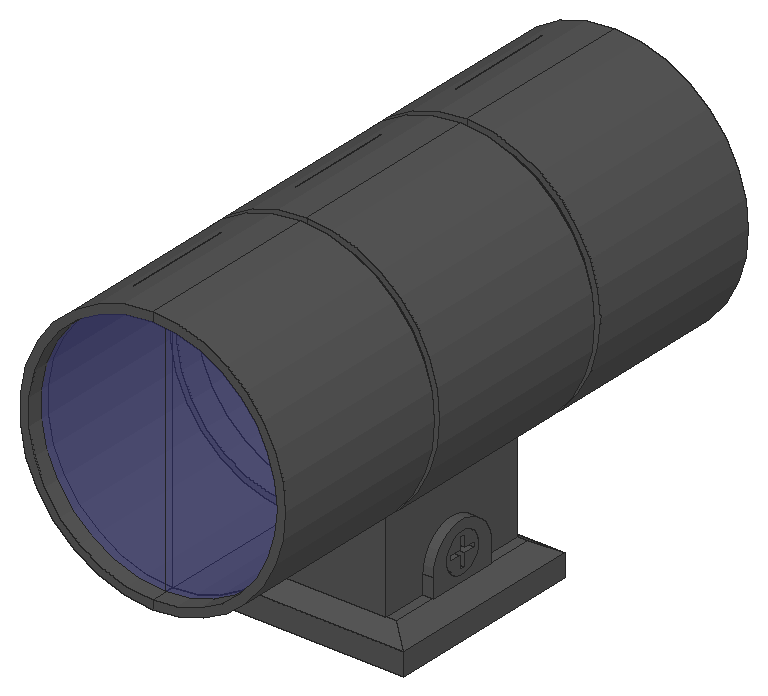
Revit family "CARLO CYLINDER LIGHT WALL MOUNT", category Lighting Fixtures, host Face, Revit 2020 (continued)
Types (10): name | Wattage_Input | Wattage Comments | Wattage | Photometric Web File | built-in parameter 1150142 | Model | built-in parameter 1150105 | Lumens | Light Length 1 | LIGHT RADIUS | LIGHT PLACEMENT | LIGHT LENGTH | LIGHT DIA | built-in parameter 1150106 | FIXED END HEIGHT | Curve base Height | Base Curve | BEAMING ANGLE | Apparent Load
    .65682 \r\n 0.68903 0.72286 0.7571 0.78949 0.82284 0.86148 0.90249 0.94285 0.98722 1.0411 \r\n 1.0989 1.1552 1.2148 1.2818 1.353 1.4247 1.5025 1.5915 1.6902 1.7972 \r\n 1.9167 2.0545 2.2045 2.3558 2.5282 2.7449 2.9855 3.2294 3.5008 3.8192 \r\n 4.1784 4.5872 5.0194 5.4408 5.8848 6.3867 6.9072 7.4069 7.921 8.4836 \r\n 9.0596 9.6221 10.181 10.732 11.29 11.869 12.463 13.064 13.689 14.356 \r\n 15.059 15.762 16.581 17.603 18.881 20.418 22.448 25.125 28.695 32.616 \r\n 39.415 52.408 68.688 86.489 105.71 125.91 146.31 166.26 184.96 201.12 \r\n 215.61 228.91 240.88 251.98 260.82 265.14 268 272.17 276.29 279.83 \r\n 283.08 286.23 289.1 291.55 293.71 295.64 297.5 299.45 301.46 303.57 \r\n 305.71 307.77 309.91 312.28 314.71 317.06 319.45 322 324.69 327.52 \r\n 330.61 334.11 337.89 341.76 346.04 350.97 356.64 362.96 370.65 380.2 \r\n 392.18 407.01 425.63 448.69 477.48 513.32 556.8 607.6 669.84 750.41 \r\n 840.61 932.75 1030.7 1131.3 1247.7 1395.7 1563.9 1747.8 1941.7 2139.3 \r\n 2338.3 2534.3 2727.8 2922.2 3105.1 3264.6 3402.5 3517.3 3606.5 3662.3 \r\n 3698.4 3725.2 3743.9 3759.9 3771 3776.5 3777.1 3773.3 3765 3752.5 \r\n 3733.6 \r\n3725 3746.9 3757.8 3763.6 3765 3763 3756.3 3744.2 3727 3708.5 \r\n 3677.1 3623.6 3545 3431.7 3294.4 3140.8 2970.6 2782.8 2587.1 2394.5 \r\n 2201 2003.8 1809.6 1621.6 1447.3 1297.8 1165.3 1045 938.32 845.91 \r\n 765.37 694.83 633.42 579.79 533.56 493.86 460.83 434.9 414.35 397.79 \r\n 384.66 374.04 365.48 358.29 352.25 346.97 342.37 338.27 334.55 330.99 \r\n 327.7 324.75 322.07 319.64 317.37 315.18 313.01 310.75 308.52 306.47 \r\n 304.43 302.22 299.96 297.66 295.34 293.01 290.67 288.33 285.97 283.54 \r\n 281.12 278.84 276.56 274.22 271.85 270.69 267.06 255.99 242.53 230.74 \r\n 218.65 206.42 191.66 170.66 147.39 124.43 102.19 81.937 63.749 47.621 \r\n 35.074 28.722 25.277 22.123 19.853 18.26 17.124 16.148 15.357 14.692 \r\n 14.101 13.503 12.929 12.39 11.861 11.31 10.765 10.253 9.7399 9.1906 \r\n 8.6338 8.0848 7.5484 7.0385 6.5426 6.0457 5.5684 5.135 4.7197 4.2919 \r\n 3.8909 3.5514 3.256 3.0033 2.7795 2.5674 2.3759 2.2116 2.0644 1.9255 \r\n 1.7989 1.6874 1.5858 1.4881 1.4 1.3282 1.2629 1.1944 1.13 1.0756 \r\n 1.0251 0.97274 0.92399 0.88467 0.84832 0.80919 0.77097 0.73864 0.70818 0.67732 \r\n 0.64585 0.61113 0.57813 0.55311 0.52956 0.50201 0.47366 0.44601 0.4187 0.39219 \r\n 0.36561 0.33752 0.31008 0.2859 0.26222 0.23613 0.2107 0.18899 0.16813 0.14631 \r\n 0.12339 0.097043 0.072038 0.053976 0.038035 0.01895 0.0036568 0 0 0 \r\n 0.000048 0.002119 0.005869 0.010409 0.019348 0.038719 0.060361 0.075185 0.091998 0.11968 \r\n 0.14892 0.17166 0.19301 0.21545 0.23879 0.26423 0.29017 0.31481 0.33995 0.36744 \r\n 0.39521 0.42114 0.44714 0.47475 0.503 0.53192 0.56006 0.58435 0.60966 0.64128 \r\n 0.67496 0.70802 0.74103 0.77287 0.80593 0.84368 0.88364 0.92295 0.96633 1.0197 \r\n 1.0767 1.1309 1.1887 1.2566 1.3285 1.3979 1.4733 1.5625 1.6612 1.766 \r\n 1.8824 2.0162 2.1623 2.3122 2.4816 2.6886 2.9181 3.1528 3.417 3.7319 \r\n 4.0891 4.4962 4.9255 5.3395 5.7747 6.2682 6.7803 7.2717 7.7774 8.3304 \r\n 8.8972 9.4535 10.003 10.536 11.073 11.636 12.209 12.778 13.364 13.985 \r\n 14.637 15.286 16.038 16.967 18.123 19.484 21.335 23.868 27.345 31.193 \r\n 38.111 51.7 68.672 86.824 106.51 127.72 149.37 171.05 190.73 205.22 \r\n 217.6 230.16 242.1 254.23 264.03 267.94 269.93 273.26 276.56 279.43 \r\n 282.17 284.98 287.67 290.03 292.24 294.35 296.43 298.57 300.77 303.07 \r\n 305.37 307.53 309.72 312.09 314.51 316.85 319.22 321.7 324.32 327.12 \r\n 330.18 333.62 337.33 341.13 345.35 350.19 355.76 361.98 369.52 378.83 \r\n 390.48 404.89 423.02 445.49 473.7 509.21 552.08 602.06 661.7 734.77 \r\n 817.28 905.46 1002.4 1107.7 1228.2 1371.8 1534.1 1716.1 1909.2 2105.9 \r\n 2304 2498.3 2690.9 2886.7 3072.1 3233.3 3374.3 3496.7 3594 3656.1 \r\n 3696.1 3722.3 3739.3 3755.8 3767.9 3774.1 3775.4 3772 3764 3751.7 \r\n 3733.6 \r\n3725 3750.2 3762.1 3769.6 3772.3 3770.4 3763.4 3750.5 3733.4 3717.1 \r\n 3690.4 3645.2 3576 3470.3 3340.3 3195.1 3031.3 2843.8 2646.9 2455.1 \r\n 2262.3 2065.3 1870 1678.5 1499.3 1343.3 1204.5 1080.8 971.47 875.83 \r\n 791.77 716.88 651.26 594.52 545.74 503.83 468.96 441.53 419.76 402.23 \r\n 388.31 377.04 368.02 360.65 354.54 349.1 344.36 340.21 336.46 332.83 \r\n 329.46 326.43 323.67 321.12 318.72 316.38 314.06 311.68 309.32 307.1 \r\n 304.87 302.46 300.01 297.66 295.34 293.05 290.78 288.53 286.22 283.73 \r\n 281.24 278.98 276.7 274.19 271.65 270.43 266.85 256.11 242.97 231.05 \r\n 219.1 208.32 195.05 174.44 151.22 128.48 106.39 86.278 67.871 50.539 \r\n 36.689 29.769 26.029 22.674 20.292 18.614 17.418 16.379 15.538 14.848 \r\n 14.245 13.64 13.06 12.51 11.97 11.415 10.867 10.35 9.8328 9.2899 \r\n 8.7388 8.1816 7.638 7.1381 6.6522 6.1488 5.664 5.2355 4.8267 4.4 \r\n 3.9951 3.6418 3.3319 3.0744 2.8479 2.6296 2.4325 2.2658 2.1172 1.975 \r\n 1.8452 1.7318 1.6289 1.5303 1.4411 1.368 1.3009 1.2289 1.161 1.1049 \r\n 1.0527 0.99702 0.94479 0.90267 0.86453 0.82594 0.78844 0.75564 0.72433 0.69258 \r\n 0.66035 0.6254 0.59243 0.56761 0.54426 0.5167 0.48816 0.45988 0.4321 0.40603 \r\n 0.37996 0.35171 0.32395 0.29964 0.27582 0.24957 0.22382 0.2013 0.17974 0.15835 \r\n 0.13551 0.1069 0.079804 0.062736 0.047664 0.026283 0.0079284 0.0014807 0 0 \r\n 0 0 0 0.0014807 0.0079284 0.026283 0.047664 0.062736 0.079804 0.1069 \r\n 0.13551 0.15835 0.17974 0.2013 0.22382 0.24957 0.27582 0.29964 0.32395 0.35171 \r\n 0.37996 0.40603 0.4321 0.45988 0.48816 0.5167 0.54426 0.56761 0.59243 0.6254 \r\n 0.66035 0.69258 0.72433 0.75564 0.78844 0.82594 0.86453 0.90267 0.94479 0.99702 \r\n 1.0527 1.1049 1.161 1.2289 1.3009 1.368 1.4411 1.5303 1.6289 1.7318 \r\n 1.8452 1.975 2.1172 2.2658 2.4325 2.6296 2.8479 3.0744 3.3319 3.6418 \r\n 3.9951 4.4 4.8267 5.2355 5.664 6.1488 6.6522 7.1381 7.638 8.1816 \r\n 8.7388 9.2899 9.8328 10.35 10.867 11.415 11.97 12.51 13.06 13.64 \r\n 14.245 14.848 15.538 16.379 17.418 18.614 20.292 22.674 26.029 29.769 \r\n 36.689 50.539 67.871 86.278 106.39 128.48 151.22 174.44 195.05 208.32 \r\n 219.1 231.05 242.97 256.11 266.85 270.43 271.65 274.19 276.7 278.98 \r\n 281.24 283.73 286.22 288.53 290.78 293.05 295.34 297.66 300.01 302.46 \r\n 304.87 307.1 309.32 311.68 314.06 316.38 318.72 321.12 323.67 326.43 \r\n 329.46 332.83 336.46 340.21 344.36 349.1 354.54 360.65 368.02 377.04 \r\n 388.31 402.23 419.76 441.53 468.96 503.83 545.74 594.52 651.26 716.88 \r\n 791.77 875.83 971.47 1080.8 1204.5 1343.3 1499.3 1678.5 1870 2065.3 \r\n 2262.3 2455.1 2646.9 2843.8 3031.3 3195.1 3340.3 3470.3 3576 3645.2 \r\n 3690.4 3717.1 3733.4 3750.5 3763.4 3770.4 3772.3 3769.6 3762.1 3750.2 \r\n 3733.6 \r\n3725 3751.7 3764 3772 3775.4 3774.1 3767.9 3755.8 3739.3 3722.3 \r\n 3696.1 3656.1 3594 3496.7 3374.3 3233.3 3072.1 2886.7 2690.9 2498.3 \r\n 2304 2105.9 1909.2 1716.1 1534.1 1371.8 1228.2 1107.7 1002.4 905.46 \r\n 817.28 734.77 661.7 602.06 552.08 509.21 473.7 445.49 423.02 404.89 \r\n 390.48 378.83 369.52 361.98 355.76 350.19 345.35 341.13 337.33 333.62 \r\n 330.18 327.12 324.32 321.7 319.22 316.85 314.51 312.09 309.72 307.53 \r\n 305.37 303.07 300.77 298.57 296.43 294.35 292.24 290.03 287.67 284.98 \r\n 282.17 279.43 276.56 273.26 269.93 267.94 264.03 254.23 242.1 230.16 \r\n 217.6 205.22 190.73 171.05 149.37 127.72 106.51 86.824 68.672 51.7 \r\n 38.111 31.193 27.345 23.868 21.335 19.484 18.123 16.967 16.038 15.286 \r\n 14.637 13.985 13.364 12.778 12.209 11.636 11.073 10.536 10.003 9.4535 \r\n 8.8972 8.3304 7.7774 7.2717 6.7803 6.2682 5.7747 5.3395 4.9255 4.4962 \r\n 4.0891 3.7319 3.417 3.1528 2.9181 2.6886 2.4816 2.3122 2.1623 2.0162 \r\n 1.8824 1.766 1.6612 1.5625 1.4733 1.3979 1.3285 1.2566 1.1887 1.1309 \r\n 1.0767 1.0197 0.96633 0.92295 0.88364 0.84368 0.80593 0.77287 0.74103 0.70802 \r\n 0.67496 0.64128 0.60966 0.58435 0.56006 0.53192 0.503 0.47475 0.44714 0.42114 \r\n 0.39521 0.36744 0.33995 0.31481 0.29017 0.26423 0.23879 0.21545 0.19301 0.17166 \r\n 0.14892 0.11968 0.091998 0.075185 0.060361 0.038719 0.019348 0.010409 0.005869 0.002119 \r\n 0.000048 0 0 0 0.0036568 0.01895 0.038035 0.053976 0.072038 0.097043 \r\n 0.12339 0.14631 0.16813 0.18899 0.2107 0.23613 0.26222 0.2859 0.31008 0.33752 \r\n 0.36561 0.39219 0.4187 0.44601 0.47366 0.50201 0.52956 0.55311 0.57813 0.61113 \r\n 0.64585 0.67732 0.70818 0.73864 0.77097 0.80919 0.84832 0.88467 0.92399 0.97274 \r\n 1.0251 1.0756 1.13 1.1944 1.2629 1.3282 1.4 1.4881 1.5858 1.6874 \r\n 1.7989 1.9255 2.0644 2.2116 2.3759 2.5674 2.7795 3.0033 3.256 3.5514 \r\n 3.8909 4.2919 4.7197 5.135 5.5684 6.0457 6.5426 7.0385 7.5484 8.0848 \r\n 8.6338 9.1906 9.7399 10.253 10.765 11.31 11.861 12.39 12.929 13.503 \r\n 14.101 14.692 15.357 16.148 17.124 18.26 19.853 22.123 25.277 28.722 \r\n 35.074 47.621 63.749 81.937 102.19 124.43 147.39 170.66 191.66 206.42 \r\n 218.65 230.74 242.53 255.99 267.06 270.69 271.85 274.22 276.56 278.84 \r\n 281.12 283.54 285.97 288.33 290.67 293.01 295.34 297.66 299.96 302.22 \r\n 304.43 306.47 308.52 310.75 313.01 315.18 317.37 319.64 322.07 324.75 \r\n 327.7 330.99 334.55 338.27 342.37 346.97 352.25 358.29 365.48 374.04 \r\n 384.66 397.79 414.35 434.9 460.83 493.86 533.56 579.79 633.42 694.83 \r\n 765.37 845.91 938.32 1045 1165.3 1297.8 1447.3 1621.6 1809.6 2003.8 \r\n 2201 2394.5 2587.1 2782.8 2970.6 3140.8 3294.4 3431.7 3545 3623.6 \r\n 3677.1 3708.5 3727 3744.2 3756.3 3763 3765 3763.6 3757.8 3746.9 \r\n 3733.6 \r\n3725 3752.5 3765 3773.3 3777.1 3776.5 3771 3759.9 3743.9 3725.2 \r\n 3698.4 3662.3 3606.5 3517.3 3402.5 3264.6 3105.1 2922.2 2727.8 2534.3 \r\n 2338.3 2139.3 1941.7 1747.8 1563.9 1395.7 1247.7 1131.3 1030.7 932.75 \r\n 840.61 750.41 669.84 607.6 556.8 513.32 477.48 448.69 425.63 407.01 \r\n 392.18 380.2 370.65 362.96 356.64 350.97 346.04 341.76 337.89 334.11 \r\n 330.61 327.52 324.69 322 319.45 317.06 314.71 312.28 309.91 307.77 \r\n 305.71 303.57 301.46 299.45 297.5 295.64 293.71 291.55 289.1 286.23 \r\n 283.08 279.83 276.29 272.17 268 265.14 260.82 251.98 240.88 228.91 \r\n 215.61 201.12 184.96 166.26 146.31 125.91 105.71 86.489 68.688 52.408 \r\n 39.415 32.616 28.695 25.125 22.448 20.418 18.881 17.603 16.581 15.762 \r\n 15.059 14.356 13.689 13.064 12.463 11.869 11.29 10.732 10.181 9.6221 \r\n 9.0596 8.4836 7.921 7.4069 6.9072 6.3867 5.8848 5.4408 5.0194 4.5872 \r\n 4.1784 3.8192 3.5008 3.2294 2.9855 2.7449 2.5282 2.3558 2.2045 2.0545 \r\n 1.9167 1.7972 1.6902 1.5915 1.5025 1.4247 1.353 1.2818 1.2148 1.1552 \r\n 1.0989 1.0411 0.98722 0.94285 0.90249 0.86148 0.82284 0.78949 0.7571 0.72286 \r\n 0.68903 0.65682 0.6267 0.60073 0.57529 0.54651 0.51721 0.489 0.46157 0.43554 \r\n 0.40969 0.38252 0.35539 0.32933 0.30375 0.27826 0.25326 0.22905 0.20566 0.18428 \r\n 0.16168 0.13223 0.10434 0.087601 0.07286 0.051411 0.031479 0.019975 0.012138 0.0049159 \r\n 0.000099 0 0 0 0.0010784 0.013152 0.02959 0.046461 0.065588 0.088297 \r\n 0.11214 0.135 0.1572 0.17753 0.19856 0.22352 0.2493 0.27297 0.29714 0.32413 \r\n 0.35189 0.379 0.40599 0.43281 0.45985 0.48804 0.51568 0.53968 0.56508 0.59785 \r\n 0.63204 0.66269 0.69268 0.72236 0.75428 0.79321 0.83294 0.86767 0.90427 0.94917 \r\n 0.99788 1.0468 1.0997 1.16 1.2243 1.2878 1.3586 1.4453 1.5415 1.6418 \r\n 1.7516 1.8751 2.0108 2.1563 2.3184 2.5045 2.7109 2.9329 3.1814 3.4613 \r\n 3.7854 4.1812 4.6094 5.0327 5.4731 5.9431 6.434 6.9423 7.4646 7.9951 \r\n 8.5369 9.1004 9.6579 10.172 10.683 11.229 11.778 12.303 12.837 13.414 \r\n 14.014 14.601 15.25 16.003 16.929 18.026 19.549 21.708 24.637 27.756 \r\n 33.418 44.313 58.859 76.624 96.847 119.01 141.95 164.92 186.14 202.91 \r\n 217.19 229.67 241.39 255.1 266.42 270.25 271.53 273.87 276.16 278.53 \r\n 280.92 283.29 285.67 288.08 290.49 292.87 295.2 297.48 299.67 301.71 \r\n 303.66 305.5 307.38 309.47 311.6 313.63 315.69 317.84 320.17 322.78 \r\n 325.66 328.89 332.4 336.09 340.14 344.6 349.71 355.65 362.64 370.7 \r\n 380.6 392.89 408.37 427.57 451.81 482.68 519.83 563.15 613.54 671.33 \r\n 738.13 815.13 903.89 1006.7 1122.5 1248.6 1391.4 1559.6 1742.8 1935.3 \r\n 2132.4 2327 2520.7 2714.7 2902.6 3079.8 3242.4 3386.9 3507.9 3596.5 \r\n 3659.5 3696.9 3719 3736.8 3748.2 3754.5 3756.6 3756.7 3752.8 3743.3 \r\n 3733.6 \r\n3725 3752.8 3765.3 3773.5 3777.6 3777.6 3773 3762.8 3747.1 3726.2 \r\n 3698.2 3665.2 3614.8 3533.3 3425.5 3290.3 3132 2951.5 2758.7 2564.2 \r\n 2366.8 2167.1 1969.1 1774.9 1589.7 1416.3 1264.3 1151.7 1055.5 956.77 \r\n 861.01 763.71 676.25 611.79 560.44 516.58 480.6 451.34 427.77 408.72 \r\n 393.52 381.26 371.5 363.68 357.26 351.51 346.5 342.16 338.24 334.4 \r\n 330.83 327.72 324.86 322.11 319.51 317.11 314.77 312.33 309.97 307.89 \r\n 305.93 303.97 302.06 300.23 298.45 296.8 295.03 292.91 290.4 287.36 \r\n 283.91 280.16 275.99 271.1 266.15 262.46 257.73 249.76 239.59 227.6 \r\n 213.54 196.84 178.89 161.1 142.85 123.69 104.5 85.707 68.252 52.812 \r\n 40.578 33.95 29.976 26.335 23.532 21.331 19.622 18.229 17.118 16.231 \r\n 15.474 14.719 14.007 13.343 12.711 12.098 11.504 10.924 10.354 9.786 \r\n 9.2178 8.6336 8.0623 7.5384 7.0294 6.5014 5.992 5.5381 5.1082 4.6727 \r\n 4.2624 3.9021 3.5809 3.3018 3.0483 2.7975 2.5721 2.3964 2.2433 2.0897 \r\n 1.9481 1.8253 1.7159 1.6173 1.5283 1.448 1.3742 1.3041 1.2383 1.1771 \r\n 1.1188 1.0606 1.0065 0.96142 0.92015 0.87809 0.8385 0.80478 0.77184 0.73644 \r\n 0.70194 0.67118 0.64248 0.61577 0.58912 0.55974 0.53008 0.50185 0.47451 0.4484 \r\n 0.42257 0.39602 0.36927 0.34227 0.31574 0.29075 0.26626 0.24119 0.21682 0.19532 \r\n 0.17287 0.14354 0.11574 0.098931 0.084125 0.063165 0.043029 0.029066 0.018007 0.0075222 \r\n 0.00014675 0 0 0 0 0.0089684 0.022671 0.04041 0.060542 0.081005 \r\n 0.10237 0.12497 0.14741 0.16737 0.18791 0.21232 0.23765 0.26138 0.28561 0.31205 \r\n 0.33937 0.36695 0.39442 0.42081 0.44731 0.47541 0.5032 0.5278 0.55365 0.58606 \r\n 0.61951 0.64928 0.6784 0.70744 0.73907 0.77855 0.81871 0.85215 0.88639 0.92745 \r\n 0.97243 1.0201 1.0716 1.1275 1.1875 1.2494 1.3192 1.4041 1.4984 1.5971 \r\n 1.7051 1.8256 1.9582 2.1018 2.2615 2.4421 2.643 2.8636 3.1081 3.3726 \r\n 3.6811 4.0699 4.4971 4.9283 5.3762 5.8395 6.3251 6.8462 7.3814 7.9075 \r\n 8.4435 9.0134 9.5798 10.099 10.614 11.162 11.715 12.239 12.775 13.361 \r\n 13.967 14.558 15.2 15.925 16.812 17.884 19.347 21.392 24.082 26.865 \r\n 31.778 40.825 53.551 70.683 90.669 112.56 135.27 157.68 178.97 197.98 \r\n 214.64 227.69 239.48 253.42 264.96 269.13 270.7 273.11 275.43 277.97 \r\n 280.49 282.83 285.14 287.58 290.02 292.38 294.67 296.89 298.95 300.75 \r\n 302.44 304.1 305.82 307.79 309.82 311.75 313.72 315.8 318.06 320.62 \r\n 323.48 326.66 330.13 333.8 337.8 342.12 347.06 352.88 359.63 367.16 \r\n 376.33 387.73 402.07 419.85 442.27 470.78 505.17 545.37 592.47 647.11 \r\n 710.63 784.08 868.92 967.43 1078.1 1197.9 1333.8 1494.6 1671.7 1861.8 \r\n 2058.3 2254 2448.8 2641.1 2829 3013.3 3185 3336.5 3465.1 3564.2 \r\n 3637.3 3682.1 3709.1 3728.2 3739.3 3745.4 3747.7 3749.4 3747.4 3739.4 \r\n 3733.6 \r\n3725 3752.5 3764.9 3773.1 3777.1 3777.7 3773.7 3764.5 3749.1 3726 \r\n 3696.5 3666 3620.2 3545.7 3444.4 3311.5 3154.3 2975.9 2784.6 2589.5 \r\n 2390.8 2191.2 1993.2 1798.9 1612.7 1434.9 1279.3 1169.4 1076.3 976.6 \r\n 877.71 774.58 681.52 615.27 563.52 519.42 483.35 453.66 429.62 410.15 \r\n 394.58 382.07 372.12 364.19 357.69 351.86 346.79 342.4 338.44 334.55 \r\n 330.95 327.81 324.93 322.13 319.49 317.09 314.78 312.34 309.99 307.96 \r\n 306.08 304.28 302.54 300.84 299.19 297.71 296.06 293.96 291.4 288.25 \r\n 284.57 280.41 275.73 270.25 264.69 260.32 255.25 247.96 238.52 226.52 \r\n 211.83 193.18 173.64 156.59 139.77 121.7 103.4 84.91 67.699 53.062 \r\n 41.576 35.108 31.081 27.39 24.485 22.138 20.28 18.786 17.598 16.647 \r\n 15.839 15.039 14.29 13.591 12.931 12.304 11.697 11.098 10.51 9.9356 \r\n 9.3632 8.7727 8.1942 7.6612 7.1431 6.6091 6.0938 5.6302 5.1915 4.7525 \r\n 4.3405 3.9788 3.6547 3.3677 3.1049 2.8456 2.6132 2.434 2.2785 2.1215 \r\n 1.9766 1.8505 1.7386 1.6396 1.5505 1.4678 1.3919 1.323 1.2584 1.1957 \r\n 1.1356 1.0773 1.0233 0.97768 0.93567 0.8927 0.85222 0.81806 0.78452 0.74814 \r\n 0.71308 0.68351 0.65597 0.62852 0.60072 0.57086 0.54092 0.51252 0.48509 0.45885 \r\n 0.43303 0.40702 0.38061 0.35271 0.32531 0.30082 0.27684 0.25095 0.22562 0.20392 \r\n 0.18157 0.1526 0.12512 0.10812 0.093118 0.072788 0.052706 0.036571 0.022676 0.0095649 \r\n 0.0001848 0 0 0 0 0.0063502 0.017621 0.036051 0.056987 0.075508 \r\n 0.094671 0.11678 0.13918 0.15898 0.17929 0.2031 0.2279 0.25168 0.27597 0.3018 \r\n 0.32861 0.35653 0.38441 0.41053 0.43667 0.46472 0.49267 0.51793 0.54426 0.57624 \r\n 0.60889 0.63767 0
